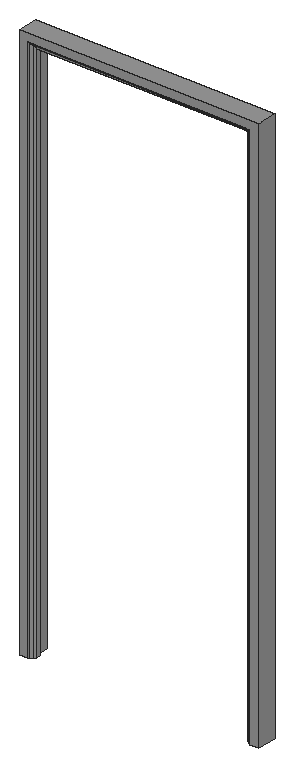
Revit family "DF813E (889x2090mm)", category Doors, host Wall, Revit 2013
Parameters (values of type "DF813E (889x2090mm)")
  Function = Interior
  Frame Projection Ext. = 25 mm
  Frame Projection Int. = 25 mm
  Frame Width = 75 mm
  Height = 2090 mm
  Wall Closure = By host
  Width = 889 mm
Reference planes
  plane 1: y = 0
  plane 2 "Center (Left/Right)": x = 0
  plane 3 "Left": x = -444.5
  plane 4 "Right": x = 444.5
  plane 5: z = 2090
  plane 6 "Exterior": y = 75
  plane 7 "Interior": y = -75
Forms (mm)
  Sweep 1, solid, material "Lauan, Meranti"
    path origin (0, 75, 0) x (1, 0, 0) y (0, 0, 1)
      loop
        line (444.5, 0) -> (444.5, 2090) -> (-444.5, 2090) -> (-444.5, 0)
    profile "Van Acht 75x50 Door Frame Routed Profile (Econo) : Van Acht 75x50 Door Frame Routed Profile (Econo)" origin (444.5, 75, 1045) x (-1, 0, 0) y (0, -1, 0)
      loop
        line (0, 37.5) -> (38, 37.5) -> (38, 82.5) -> (50, 82.5) -> (50, 97.5)
        arc (50, 97.5) -> (44.957, 99.29) -> (42.17, 103.859) r 8
        line (42.17, 103.859) -> (39, 103.859)
        arc (39, 103.859) -> (35.311, 107.973) -> (30, 109.5) r 10
        line (30, 109.5) -> (30, 112.5) -> (0, 112.5) -> (0, 37.5)
Lines and regions (mm)
  Opening 1
    outline origin (-3050, -75, 0) x (1, 0, 0) y (0, 0, 1)
      loop
        line (2605.5, 0) -> (3494.5, 0) -> (3494.5, 2090) -> (2605.5, 2090) -> (2605.5, 0)
  symbolic lines, style "Doors"
    curve 1: line (406.5, -75, 1045) -> (-406.5, -75, 2052)
    curve 2: line (406.5, -75, 1045) -> (-405.5, -75, 0)
  model lines
    curve 3: line (-406.5, 37.5, 0) -> (-406.5, 850.5, 0)
    curve 4: arc (406.5, 37.5, 0) -> (168.378, 612.378, 0) -> (-406.5, 850.5, 0) r 813
Text (mm)
  text "Exterior" at (-2295.016, 1099.543, 0), in view "Ref. Level"
  text "Exterior" at (0, 1615.38, 3698.081), in view "Left"
  text "Exterior" at (0, 1036.032, 3874.932), in view "Right"
Dimensions and locks
  equal spacing: plane 3 "Left", plane 2 "Center (Left/Right)", plane 4 "Right"
  "Width": plane 3 "Left" to plane 4 "Right"
  "Height": plane 5 to host wall
  equal spacing: host wall, curve 2, plane 5
  host wall to plane 5 = 2090 mm
  locked: plane 6 "Exterior" to host wall at 0
  locked: plane 7 "Interior" to host wall
  aligned and locked: plane 3 "Left" to Opening 1 sketch curve
  aligned and locked: plane 5 to Opening 1 sketch curve  (x2)
  aligned and locked: Opening 1 sketch curve to plane 4 "Right"
  aligned and locked: Opening 1 sketch curve to level
  aligned and locked: plane 1 to host wall
Automatic sketch dimensions
  plane 4 "Right" to Sweep 1 sketch curve = 0 mm
  Sweep 1 sketch curve to plane 5 = 0 mm
  plane 3 "Left" to Sweep 1 sketch curve = 0 mm
  Sweep 1 sketch curve to level = 0 mm  (x2)
  curve 3 to plane 3 "Left" = 38 mm
  plane 4 "Right" to curve 4 = 38 mm
  curve 4 to host wall = 37.5 mm
  curve 3 to curve 4 = 0 mm
  plane 4 "Right" to curve 2 = 38 mm
  curve 2 to level = 0 mm
  plane 5 to curve 1 = 38 mm
  curve 1 to plane 3 "Left" = 38 mm
  curve 2 to plane 3 "Left" = 39 mm
